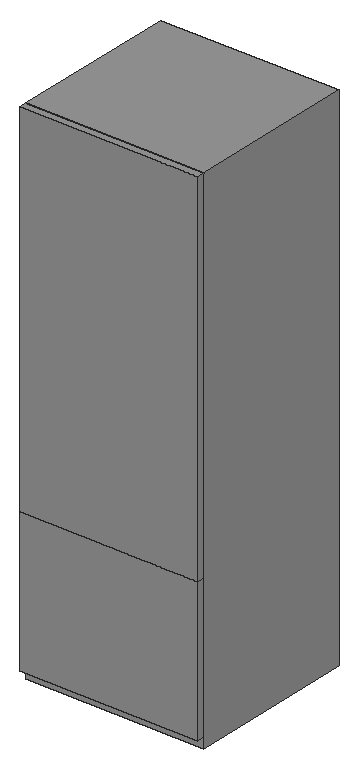
Revit family "АВЛН_Шкафы медицинские", category Мебель, Revit 2019
Family settings
  Номер OmniClass = 23.40.20.00
  Заголовок OmniClass = General Furniture and Specialties
  На основе рабочей плоскости = Нет
  Всегда вертикально = Да
  При загрузке вырезать с полостями = Нет
  Общий = Нет
  Точка расчета площади = Нет
Parameters (values of type "Шкаф холодильный среднетемпературный")
  Описание = "Шкаф холодильный среднетемпературный; габ.\r\n697x695x2028 мм подсветка, оттайка, корпус краш.\r\nметалл,V=470л, t= 0…+6*С; Э1Ф; 220В; 0,35кВт\r\n4 полки - 40кг максимальная нагрузка на полку"
  Type Comments = ""
  Keynote = ""
  Изготовитель = "Polair, Россия"
  Группа модели = "Оборудование основных помещений\r\nшколы"
  Высота низ = 600 mm
  ADSK_Размер_Ширина = 695 mm
  ADSK_Размер_Длина = 700 mm
  ADSK_Размер_Высота = 2030 mm
  ADSK_Обозначение = "Polair CM105-S"
  ADSK_Масса = 0
  ADSK_Код изделия = ""
  ADSK_Единица измерения = "шт"  # constant formula
Reference planes
  plane 1 "По центру (Вперед/Назад)": y = 0
  plane 2: z = 0
  plane 3 "По центру (Влево/Вправо)": x = 0
  plane 4: z = 2030
  plane 5: y = 347.5
  plane 6: x = 350
  plane 7: x = -350
  plane 8: y = -347.5
  plane 9: z = 600
Forms (mm)
  Sweep 1, solid, material "Металл, окрашенный, белый, матовый"
    path origin (0, 0, 0) x (1, 0, 0) y (0, 0, 1)
      loop
        line (-350, 2030) -> (-350, 0) -> (350, 0) -> (350, 2030) -> (-350, 2030)
    profile origin (0, 0, 2030) x (0, 0, 1) y (0, -1, 0)
      loop
        line (0, 317.5) -> (-40, 317.5) -> (-40, -347.5) -> (0, -347.5) -> (0, 317.5)
  Extrusion 2, solid, material "Металл, окрашенный, белый, матовый"
    sketch origin (0, -518.993, 592.976) x (-1, 0, 0) y (0, -1, 0)
      loop
        line (310, -866.493) -> (310, -861.493) -> (-310, -861.493) -> (-310, -866.493) -> (310, -866.493)
    from 967.024 to -552.976
  Extrusion 3, solid, material "Металл, окрашенный, белый, матовый"
    sketch origin (0, 0, 0) x (1, 0, 0) y (0, 0, 1)
      loop
        line (-350, 2030) -> (-350, 600) -> (350, 600) -> (350, 2030) -> (-350, 2030)
    from 347.5 to 317.5
  Extrusion 4, solid, material "Металл, окрашенный, белый, матовый"
    sketch origin (0, 0, -580) x (1, 0, 0) y (0, 0, 1)
      loop
        line (-350, 1180) -> (-350, 620) -> (350, 620) -> (350, 1180) -> (-350, 1180)
    from 347.5 to 317.5
Lines and regions (mm)
  symbolic lines
    curve 1: line (-350, 347.5, 592.976) -> (350, -347.5, 592.976)
    curve 2: line (-350, -350.595, 592.976) -> (350, 352.5, 592.976)
Dimensions and locks
  plane 2 to plane 4 = 2030 mm
  equal spacing: plane 8, plane 1 "По центру (Вперед/Назад)", plane 5
  equal spacing: plane 7, plane 3 "По центру (Влево/Вправо)", plane 6
  "ADSK_Размер_Длина": plane 7 to plane 6
  "ADSK_Размер_Ширина": plane 5 to plane 8
  "ADSK_Размер_Высота": plane 2 to plane 4
  locked: Sweep 1 sketch curve to plane 4 at 40
  locked: plane 5 to Extrusion 2 sketch curve at 5
  Extrusion 3 to plane 8 = 0 mm
  "Высота низ": plane 9 to level
  locked: Sweep 1 sketch curve to plane 8 at 30
  aligned and locked: level to plane 2
  aligned and locked: plane 4 to Sweep 1 sketch curve
  aligned and locked: plane 7 to Sweep 1 sketch curve
  aligned and locked: level to Sweep 1 sketch curve
  aligned and locked: Sweep 1 sketch curve to plane 6
  aligned and locked: plane 5 to Sweep 1 sketch curve
  aligned and locked: Sweep 1 sketch curve to plane 4
  aligned and locked: Extrusion 2 sketch curve to Sweep 1  (x2)
  aligned and locked: Sweep 1 to Extrusion 2 sketch curve
  aligned and locked: plane 5 to curve 1
  aligned and locked: curve 1 to plane 8
  aligned and locked: plane 6 to curve 2
  aligned and locked: curve 2 to Sweep 1
  aligned and locked: Sweep 1 to curve 1  (x2)
  aligned and locked: plane 4 to Extrusion 3 sketch curve
  aligned and locked: plane 7 to Extrusion 3 sketch curve
  aligned and locked: Extrusion 3 sketch curve to plane 6
  aligned and locked: Extrusion 3 to plane 9
  aligned and locked: plane 9 to Extrusion 4
  aligned and locked: Extrusion 3 to plane 8
  aligned and locked: Extrusion 4 to plane 8
  aligned and locked: Extrusion 3 to Sweep 1
  aligned and locked: Extrusion 4 to Sweep 1
Automatic sketch dimensions
  plane 5 to curve 2 = 5 mm
  curve 2 to plane 8 = 3.095 mm
  Extrusion 3 sketch curve to plane 9 = 0 mm
  Extrusion 4 sketch curve to plane 7 = 0 mm
  Extrusion 4 sketch curve to plane 6 = 0 mm
  level to Extrusion 4 sketch curve = 40 mm
  plane 4 to Extrusion 4 sketch curve = 1430 mm
